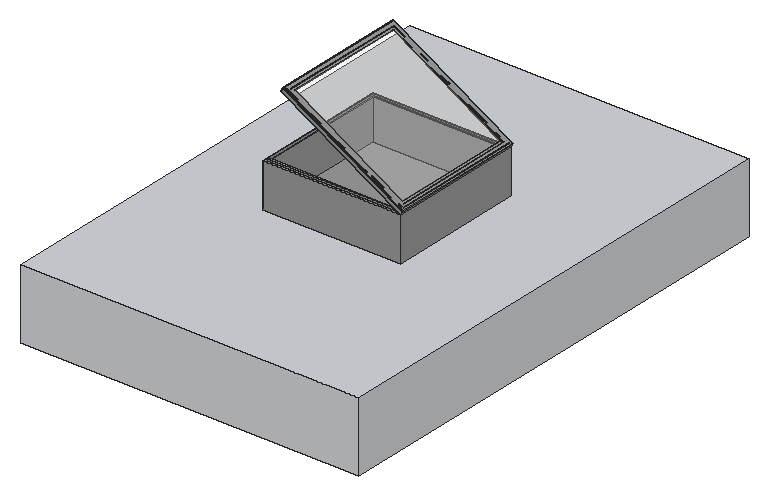
Revit family "Hager-Orion_Inox-IP66-D210-Cl.I-Inox_encl-630A-600mm-CH-fr", category Equipement électrique, Revit 2020
Family settings
  Hôte = Face
  Configuration du panneau = Deux colonnes, circuits au sein
  Cote de connecteur circulaire = Utiliser le diamètre
  Type d'élément = Tableau de raccordement
  Couper avec des vides une fois chargée = Non
  Partagée = Non
  Point de calcul de pièce = Non
Parameters (values of type "saillie IP66 L600 H600 P210  - FL028TWL")
  Width Control [instance] = if([EF000008 - largeur] > Min Width, [EF000008 - largeur], Min Width)  # 600 mm
  Commentaires du type = [HG000003 - Gamme]  # "Orion Inox"
  Thickness Door [instance] = if([EF009171 - épaisseur de matériau de la porte/du couvercle] > 3 mm, 3 mm, [EF009171 - épaisseur de matériau de la porte/du couvercle])  # 1.5 mm
  Seal Frame Offset [instance] = 17 mm  # constant formula
  Model = ""
  Min Width [instance] = 100 mm  # constant formula
  Min Height [instance] = 100 mm  # constant formula
  Min Depth [instance] = (2 * [EF009170 - épaisseur de matériau du boîtier]) + 1 mm  # 4 mm
  Internal Frame Depth [instance] = (Door System Depth * 0.5)  # 9 mm
  Height Control [instance] = if([EF000040 - hauteur] > Min Height, [EF000040 - hauteur], Min Height)  # 600 mm
  HG000027 - Hauteur du socle = 0 mm
  HG000026 - Installation au sol = no
  HG000024 - Hauteur de la section basse = 800 mm
  HG000023 - Armoire double section = no
  HG000016 - Visibilité de la porte 3D [instance] = yes
  HG000015 - Visibilité de l'emprise de la porte [instance] = no
  HG000014 - Porte à droite [instance] = yes
  HG000013 - Porte à gauche [instance] = not([HG000014 - Porte à droite])  # no
  HG000012 - Angle de pivotement de la porte [instance] = 30.00°
  HG000010 - Portes asymétriques = no
  HG000009 - Porte à double battant = no
  HG000006 - Encastré = no
  HG000004 - Référence fabricant = "FL028TWL"
  HG000003 - Gamme = "Orion Inox"
  HG000002 - avec porte = yes
  Frame Offset Bottom [instance] = 10 mm  # constant formula
  Frame Offset [instance] = 15 mm  # constant formula
  EF015940 - couvercle avec décharge de pression = no
  EF011959 - degré de protection (NEMA) = ""
  EF009554 - nombre d'ouvertures pour plaques à bride = 0
  Fabricant = "Hager"  # constant formula
  EF009212 - finition du couvercle = "EV000116 - fermé"
  EF009171 - épaisseur de matériau de la porte/du couvercle = 1.5 mm
  EF009170 - épaisseur de matériau du boîtier = 1.5 mm
  EF008873 - courant nominal (In) = 630 A
  EF007800 - adapté à un parafoudre = no
  EF006306 - avec serrure = yes
  EF006244 - couvercle/porte transparent(e) = yes
  EF005474 - indice de protection (IP) = "EV006422 - IP66"
  EF004464 - type de porte = "EV002646 - unique"
  EF004427 - nombre de modules = 0
  EF004293 - indice de protection contre les chocs (IK) = "EV006814 - IK08"
  EF003532 - convient pour utilisation à l’extérieur = yes
  EF002950 - largeur en nombre de modules = 0
  EF001613 - maintien de fonction = "EV000494 - sans"
  EF001596 - matériau du boîtier/corps = "EV000166 - acier inoxydable"
  EF001131 - profondeur intérieure = 176 mm
  EF001088 - possibilité de montage en saillie = yes
  EF000437 - nombre d'entrées de conduit = 0
  EF000339 - type de capot = "EV004216 - porte"
  EF000266 - nombre de rangées = 0
  EF000218 - profondeur d'encastrement = 0 mm
  EF000118 - avec cadre/support de montage = no
  EF000116 - numéro RAL = ""
  EF000049 - profondeur = 210 mm
  EF000040 - hauteur = 600 mm
  EF000008 - largeur = 600 mm
  EF000007 - couleur = "EV000154 - autre"
  EF000003 - mode de pose = "EV000384 - saillie"
  Door System Leaf Tolerance [instance] = 1.5 mm  # constant formula
  Door System Depth [instance] = 18 mm  # constant formula
  Depth Control [instance] = if([EF000049 - profondeur] > Min Depth, [EF000049 - profondeur], Min Depth)  # 210 mm
  Default Elevation = 0 mm
Types (12, lengths in mm): name | Width Control | HG000004 - Référence fabricant | EF009212 - finition du couvercle | EF006306 - avec serrure | EF006244 - couvercle/porte transparent(e) | EF004293 - indice de protection contre les chocs (IK) | EF001613 - maintien de fonction | EF000008 - largeur
  saillie IP66 L400 H600 P210  - FL025BWL | 400 | "FL025BWL" | "EV009916 - avec échancrure" | no | no | "EV008784 - IK10" | "" | 400
  saillie IP66 L400 H600 P210  - FL025TW | 400 | "FL025TW" | "EV000116 - fermé" | yes | yes | "EV006814 - IK08" | "EV000494 - sans" | 400
  saillie IP66 L400 H600 P210  - FL025TWL | 400 | "FL025TWL" | "EV000116 - fermé" | yes | yes | "EV006814 - IK08" | "EV000494 - sans" | 400
  saillie IP66 L500 H600 P210  - FL027BW | 500 | "FL027BW" | "EV000116 - fermé" | yes | no | "EV008784 - IK10" | "EV000494 - sans" | 500
  saillie IP66 L500 H600 P210  - FL027BWL | 500 | "FL027BWL" | "EV000116 - fermé" | yes | no | "EV008784 - IK10" | "EV000494 - sans" | 500
  saillie IP66 L500 H600 P210  - FL027TW | 500 | "FL027TW" | "EV000116 - fermé" | yes | yes | "EV006814 - IK08" | "EV000494 - sans" | 500
  saillie IP66 L500 H600 P210  - FL027TWL | 500 | "FL027TWL" | "EV000116 - fermé" | yes | yes | "EV006814 - IK08" | "EV000494 - sans" | 500
  saillie IP66 L600 H600 P210  - FL025BW | 600 | "FL025BW" | "EV009916 - avec échancrure" | no | no | "EV008784 - IK10" | "" | 600
  saillie IP66 L600 H600 P210  - FL028BW | 600 | "FL028BW" | "EV000116 - fermé" | yes | no | "EV008784 - IK10" | "EV000494 - sans" | 600
  saillie IP66 L600 H600 P210  - FL028BWL | 600 | "FL028BWL" | "EV000116 - fermé" | yes | no | "EV008784 - IK10" | "EV000494 - sans" | 600
  saillie IP66 L600 H600 P210  - FL028TW | 600 | "FL028TW" | "EV000116 - fermé" | yes | yes | "EV006814 - IK08" | "EV000494 - sans" | 600
  saillie IP66 L600 H600 P210  - FL028TWL | 600 | "FL028TWL" | "EV000116 - fermé" | yes | yes | "EV006814 - IK08" | "EV000494 - sans" | 600
Reference planes
  plane 1 "Center (Front/Back)": y = 0
  plane 2: z = 0
  plane 3 "Center (Left/Right)": x = 0
  plane 4: z = 210
  plane 5: y = 1.5
  plane 6: y = 300
  plane 7: y = 0
  plane 8: y = 600
  plane 9: z = 0
  plane 10: x = -285
  plane 11: x = 285
  plane 12: x = 283.5
  plane 13: x = -283.5
  plane 14: y = 598.5
  plane 15: x = -283
  plane 16: x = -300
  plane 17: x = 283
  plane 18: x = 300
  plane 19: x = 298.5
  plane 20: x = -298.5
  plane 21: y = 11.5
  plane 22: y = 600
  plane 23: y = 583.5
  plane 24: z = 192
  plane 25: z = 1.5
  plane 26: z = 190.5
  plane 27: z = 208.5
Forms (mm)
  Extrusion 1, solid
    sketch origin (0, 0, 0) x (1, 0, 0) y (0, 1, 0)
      loop
        line (-702.964, 1305) -> (-702.964, -811.445) -> (766.763, -811.445) -> (766.763, 1305) -> (-702.964, 1305)
    from 0 to -304.8
  Extrusion 2, solid, material "Hager_Stainless_Steel", detail levels medium+fine
    sketch origin (0, 0, 0) x (1, 0, 0) y (0, 1, 0)
      loop
        line (-300, 0) -> (300, 0) -> (300, 600) -> (-300, 600) -> (-300, 0)
    from 0 to 192
  Extrusion 3, solid, material "Hager_Steel_RAL 7035_Light_Grey", not visible, detail levels medium+fine
    sketch origin (0, 28.16, 50.802) x (0, 1, 0) y (0, 0, 1)
      loop
        line (323.34, -50.802) -> (323.34, 147.698)
        arc (323.34, 147.698) -> (320.411, 154.769) -> (313.34, 157.698) r 10
        line (313.34, 157.698) -> (283.34, 157.698) -> (283.34, -50.802) -> (323.34, -50.802)
    from -298.5 to 298.5
  Extrusion 4, void
    sketch origin (0, 0, 0) x (1, 0, 0) y (0, 1, 0)
      loop
        line (-298.5, 1.5) -> (298.5, 1.5) -> (298.5, 598.5) -> (-298.5, 598.5) -> (-298.5, 1.5)
    from 1.5 to 190.5
  Extrusion 5, void
    sketch origin (-381.607, -4572, 192) x (0, -1, 0) y (-1, 0, 0)
      loop
        line (-4583.5, -98.107) -> (-5155.5, -98.107) -> (-5155.5, -665.107) -> (-4583.5, -665.107) -> (-4583.5, -98.107)
    from 0 to 1.5 <- "EF009170 - épaisseur de matériau du boîtier"
  Extrusion 6, solid, material "Hager_Stainless_Steel", detail levels fine
    sketch origin (-381.607, -4572, 192) x (-1, 0, 0) y (0, -1, 0)
      loop
        line (-98.107, -4583.5) -> (-665.107, -4583.5) -> (-665.107, -5155.5) -> (-98.107, -5155.5) -> (-98.107, -4583.5)
      loop
        line (-97.107, -4582) -> (-666.107, -4582) -> (-666.107, -5157) -> (-97.107, -5157) -> (-97.107, -4582)
    from 0 to 9 <- "Internal Frame Depth"
  Extrusion 7, solid, material "Hager_Stainless_Steel", detail levels coarse
    sketch origin (0, 0, 0) x (1, 0, 0) y (0, 1, 0)
      loop
        line (-300, 0) -> (300, 0) -> (300, 600) -> (-300, 600) -> (-300, 0)
    from 0 to 210
Cuts and joins
  Extrusion 4, Extrusion 5 cuts Extrusion 2
Lines and regions (mm)
  Masking region 1
    outline origin (0, 0, 0) x (1, 0, 0) y (0, 0, 1)
      loop
        line (-300, 210) -> (-300, 0) -> (300, 0) -> (300, 210) -> (-300, 210)
  Masking region 2, detail levels medium+fine
    outline origin (0, 140, 0) x (0, 1, 0) y (0, 0, 1)
      loop
        line (-140, 0) -> (460, 0) -> (460, 192) -> (-140, 192) -> (-140, 0)
  Masking region 3, not visible, detail levels medium+fine
    outline origin (0, 297.922, 0) x (0, 1, 0) y (0, 0, 1)
      loop
        line (13.578, 0) -> (53.578, 0) -> (53.578, 198.5)
        arc (53.578, 198.5) -> (50.649, 205.571) -> (43.578, 208.5) r 10
        line (43.578, 208.5) -> (13.578, 208.5) -> (13.578, 0)
  Masking region 4, detail levels coarse
    outline origin (0, 0, 180) x (0, 1, 0) y (0, 0, 1)
      loop
        line (0, -180) -> (600, -180) -> (600, 30) -> (0, 30) -> (0, -180)
  Masking region 5
    outline origin (-381.607, -4572, 192) x (-1, 0, 0) y (0, -1, 0)
      loop
        line (-81.607, -5172) -> (-81.607, -4572) -> (-681.607, -4572) -> (-681.607, -5172) -> (-81.607, -5172)
Dimensions and locks
  "Depth Control": plane 4 to Extrusion 1
  "EF009170 - épaisseur de matériau du boîtier": plane 5 to plane 7
  locked: connector elem to plane 3 "Center (Left/Right)"
  equal spacing: plane 8, plane 6, plane 7
  locked: connector elem to plane 6
  "EF009170 - épaisseur de matériau du boîtier": plane 8 to plane 14
  "EF009170 - épaisseur de matériau du boîtier": plane 10 to plane 13
  "EF009170 - épaisseur de matériau du boîtier": plane 12 to plane 11
  "Frame Offset": plane 20 to plane 13
  "Frame Offset": plane 12 to plane 19
  "EF009170 - épaisseur de matériau du boîtier": plane 16 to plane 20
  "EF009170 - épaisseur de matériau du boîtier": plane 19 to plane 18
  "Seal Frame Offset": plane 16 to plane 15
  "Seal Frame Offset": plane 17 to plane 18
  "Frame Offset Bottom": plane 21 to plane 5
  "Frame Offset": plane 14 to plane 23
  equal spacing: plane 16, plane 3 "Center (Left/Right)", plane 18
  "Width Control": plane 16 to plane 18
  "EF009170 - épaisseur de matériau du boîtier": plane 4 to plane 27
  "EF009170 - épaisseur de matériau du boîtier": plane 24 to plane 26
  "EF009170 - épaisseur de matériau du boîtier": plane 25 to level
  "Door System Depth": plane 4 to plane 24
  "Height Control": plane 1 "Center (Front/Back)" to Extrusion 7 sketch curve
  "Height Control": Masking region 4 sketch curve to plane 1 "Center (Front/Back)"
  "Thickness Door": Extrusion 6 sketch curve to plane 15
  "Thickness Door": plane 21 to Extrusion 6 sketch curve
  "Thickness Door": plane 17 to Extrusion 6 sketch curve
  "Thickness Door": Extrusion 6 sketch curve to plane 23
  "Height Control": plane 1 "Center (Front/Back)" to plane 22
  radius of Masking region 3 sketch curve = 10 mm
  radius of Extrusion 3 sketch curve = 10 mm
  aligned and locked: plane 2 to Extrusion 1
  aligned and locked: level to Extrusion 1
  aligned and locked: level to Masking region 1 sketch curve
  aligned and locked: Masking region 1 sketch curve to plane 18
  aligned and locked: Masking region 1 sketch curve to plane 16
  aligned and locked: plane 7 to Masking region 2 sketch curve
  aligned and locked: level to Masking region 3 sketch curve
  aligned and locked: Masking region 3 sketch curve to plane 27
  aligned and locked: level to Masking region 2 sketch curve
  aligned and locked: Extrusion 2 sketch curve to plane 7
  aligned and locked: plane 16 to Extrusion 2 sketch curve
  aligned and locked: plane 18 to Extrusion 2 sketch curve
  aligned and locked: Extrusion 3 sketch curve to level
  aligned and locked: plane 27 to Extrusion 3 sketch curve
  aligned and locked: plane 20 to Extrusion 3
  aligned and locked: plane 19 to Extrusion 3
  aligned and locked: plane 20 to Extrusion 4 sketch curve
  aligned and locked: plane 19 to Extrusion 4 sketch curve
  aligned and locked: Extrusion 4 sketch curve to plane 5
  aligned and locked: Extrusion 4 to plane 25
  aligned and locked: plane 26 to Extrusion 4
  aligned and locked: plane 24 to Extrusion 2
  aligned and locked: Extrusion 5 sketch curve to plane 21
  aligned and locked: Extrusion 5 sketch curve to plane 13
  aligned and locked: Extrusion 5 sketch curve to plane 12
  aligned and locked: plane 18 to Extrusion 7 sketch curve
  aligned and locked: plane 1 "Center (Front/Back)" to Extrusion 7 sketch curve
  aligned and locked: plane 16 to Extrusion 7 sketch curve
  aligned and locked: plane 4 to Extrusion 7
  aligned and locked: Extrusion 7 to level
  aligned and locked: level to Masking region 4 sketch curve
  aligned and locked: Masking region 4 sketch curve to plane 1 "Center (Front/Back)"
  aligned and locked: Masking region 4 sketch curve to plane 4
  aligned and locked: nested 1 to level
  aligned and locked: nested 1 to plane 16
  aligned and locked: plane 8 to Extrusion 2 sketch curve
  aligned and locked: plane 23 to Extrusion 5 sketch curve
  aligned and locked: plane 14 to Extrusion 4 sketch curve
  aligned and locked: Extrusion 6 sketch curve to plane 21
  aligned and locked: plane 13 to Extrusion 6 sketch curve
  aligned and locked: plane 23 to Extrusion 6 sketch curve
  aligned and locked: plane 12 to Extrusion 6 sketch curve
  aligned and locked: Masking region 2 sketch curve to plane 8
  aligned and locked: Masking region 2 sketch curve to plane 24
  aligned and locked: nested 2 to plane 3 "Center (Left/Right)"
  aligned and locked: nested 2 to plane 24
  aligned and locked: Masking region 5 sketch curve to plane 1 "Center (Front/Back)"
  aligned and locked: Masking region 5 sketch curve to plane 18
  aligned and locked: Masking region 5 sketch curve to plane 22
  aligned and locked: Masking region 5 sketch curve to plane 16
  aligned and locked: plane 8 to plane 22
  aligned and locked: plane 7 to plane 1 "Center (Front/Back)"
  aligned and locked: nested 2 to plane 1 "Center (Front/Back)"
Automatic sketch dimensions
  Extrusion 1 sketch curve to Extrusion 1 sketch curve = 1469.727 mm
  Extrusion 1 sketch curve to Extrusion 1 sketch curve = 2116.445 mm
  plane 6 to Masking region 3 sketch curve = 11.5 mm
  Masking region 3 sketch curve to Masking region 3 sketch curve = 30 mm
  plane 6 to Extrusion 3 sketch curve = 11.5 mm
  Extrusion 3 sketch curve to Extrusion 3 sketch curve = 30 mm
  Masking region 1 sketch curve to plane 4 = 0 mm
Nested families
  nested 1: "Hager_Enclosure_Symbol" at (-300, 0, 0) x (1, 0, 0) z (0, -1, 0), Height <- "Depth Control", Width <- "Width Control", type "Hager_Enclosure_Symbol"
    with Width_Ctrl 600 mm, Width 600 mm, Height_Ctrl 210 mm, Height 210 mm, A_Width_Int 13.781 mm, A_Width 165.375 mm, A_Height_Ctrl 183.75 mm, A_Height 183.75 mm
  nested 2: "EC000058_OrionInox_Door" at (0, 600, 192) x (1, 0, 0) z (0, -1, 0), Leaf_Tolerance <- "Door System Leaf Tolerance", Angle <- "HG000012 - Angle de pivotement de la porte", Door_Depth <- "Door System Depth", Door_Left <- "HG000013 - Porte à gauche", Transparent <- "EF006244 - couvercle/porte transparent(e)", Assymetrical <- "HG000010 - Portes asymétriques", Width <- "Width Control", Clearance <- "HG000015 - Visibilité de l'emprise de la porte", Double <- "HG000009 - Porte à double battant", 3d_Door <- "HG000016 - Visibilité de la porte 3D", Width_Ctrl <- "Width Control", Door_Right <- "HG000014 - Porte à droite", Door <- "HG000002 - avec porte", Height <- "Height Control", Thickness <- "Thickness Door", type "EC000058_OrionInox_Door", detail levels medium+fine
    with min_wh 4 mm, Width_Ctrl 600 mm, Width 600 mm, Transparent yes, Thickness 1.5 mm, Seal_Material Hager_Rubber, Leaf_Width 600 mm, Leaf_Tolerance_External_Sides 0 mm, Leaf_Tolerance 1.5 mm, Leaf_Offset 0 mm, Leaf_Height 597 mm, Leaf_2_Width 600 mm, Leaf_2_Offset 300 mm, Leaf_1_Width 600 mm, Leaf_1_Offset 300 mm, Height_Ctrl 600 mm, Height 600 mm, Glass_Material Hager_Glass, Double_Clearance_Ctrl no, Double no, Door_Right_Ctrl yes, Door_Right yes, Door_Material Hager_Stainless_Steel, Door_Left_Ctrl no, Door_Left no, Door_Depth 18 mm, Door yes, Clearance_Material Hager_Clearance, Clearance_Depth 600 mm, Clearance_Ctrl no, Clearance no, Assymetrical no, Angle 30.00°, 3d_Door yes
Connectors
  electrical at (0, 300, 0)
    settings: on plane 9, index 1, voltage 0 V, apparent load 0 VA, apparent load phase1 0 VA, apparent load phase2 0 VA, apparent load phase3 0 VA, power factor 1, load classification "Other", number of poles 1, system type 30, power factor state 1, is connector primary yes, connector utility no, sub classification motor no, connector description ""
Definition of nested family "EC000058_OrionInox_Door"
  Parameters (values of type "EC000058_OrionInox_Door")
    min_wh [instance] = (2 * Thickness) + 1 mm  # 11 mm
    Width_Ctrl [instance] = 400 mm
    Width [instance] = 500 mm
    Transparent [instance] = yes
    Thickness [instance] = 5 mm
    Seal_Material [instance] = none
    Leaf_Width [instance] = if((Width_Ctrl - 2 * Leaf_Tolerance_External_Sides) > 0 mm, (Width_Ctrl - 2 * Leaf_Tolerance_External_Sides), min_wh)  # 400 mm
    Leaf_Tolerance_External_Sides [instance] = 0 mm  # constant formula
    Leaf_Tolerance [instance] = 1.5 mm
    Leaf_Offset [instance] = 0 mm  # constant formula
    Leaf_Height [instance] = if((Height_Ctrl - 2 * Leaf_Tolerance) > 0 mm, (Height_Ctrl - 2 * Leaf_Tolerance), min_wh)  # 497 mm
    Leaf_2_Width [instance] = if(and(and(Double, Assymetrical), Door_Left), (Leaf_Width / 3) - (Leaf_Tolerance / 2), if(and(and(Double, Assymetrical), Door_Right), (Leaf_Width / 3) * 2 - (Leaf_Tolerance / 2), if(and(Double, not(Assymetrical)), (Leaf_Width / 2) - Leaf_Tolerance, Leaf_Width)))  # 400 mm
    Leaf_2_Offset [instance] = if(and(Double, Assymetrical), Leaf_2_Width / 2, if(and(Double, not(Assymetrical)), Leaf_Width / 4, Leaf_Width / 2))  # 200 mm
    Leaf_1_Width [instance] = if(and(and(Double, Assymetrical), Door_Right), (Leaf_Width / 3) - (Leaf_Tolerance / 2), if(and(and(Double, Assymetrical), Door_Left), (Width / 3) * 2 - (Leaf_Tolerance / 2), if(and(Double, not(Assymetrical)), (Leaf_Width / 2) - Leaf_Tolerance, Leaf_Width)))  # 400 mm
    Leaf_1_Offset [instance] = if(and(Double, Assymetrical), Leaf_1_Width / 2, if(and(Double, not(Assymetrical)), Leaf_Width / 4, Leaf_Width / 2))  # 200 mm
    Height_Ctrl [instance] = if(Height > min_wh, Height, min_wh)  # 500 mm
    Height [instance] = 500 mm
    Glass_Material [instance] = none
    Double_Clearance_Ctrl [instance] = and(Double, Clearance)  # no
    Double [instance] = no
    Door_Right_Ctrl [instance] = and(or(Door_Right, Double), Door)  # yes
    Door_Right [instance] = yes
    Door_Material [instance] = none
    Door_Left_Ctrl [instance] = and(or(Door_Left, Double), Door)  # no
    Door_Left [instance] = no
    Door_Depth [instance] = 30 mm
    Door [instance] = yes
    Default Elevation = 1219.2 mm
    Clearance_Material [instance] = none
    Clearance_Depth [instance] = if(Leaf_1_Width > Leaf_2_Width, Leaf_1_Width, Leaf_2_Width)  # 400 mm
    Clearance_Ctrl [instance] = and(not(Double), Clearance)  # yes
    Clearance [instance] = yes
    Assymetrical [instance] = yes
    Angle [instance] = 30.00°
    3d_Door [instance] = yes
  Reference planes
    plane 1 "Center (Front/Back)": y = 0
    plane 2 "Bottom": z = 0
    plane 3 "Center (Left/Right)": x = 0
    plane 4: z = 500
    plane 5: x = -200
    plane 6: x = 200
    plane 7: z = 500
    plane 8: x = -200
    plane 9: z = 0
    plane 10: x = 200
    plane 11: y = 0
    plane 12: z = 1.5
    plane 13: x = -600
    plane 14: y = -400
    plane 15: x = 600
    plane 16: x = 0
    plane 17: x = 0
    plane 18: x = -200
    plane 19: x = 200
    plane 20: z = 498.5
  Forms (mm)
    Extrusion 1, solid, material <- "Clearance_Material", visible <- "Double_Clearance_Ctrl"
      sketch origin (1200, 0, 0) x (1, 0, 0) y (0, 0, -1)
        loop
          line (-1800, -498.5) -> (-600, -498.5) -> (-600, 0) -> (-1800, 0) -> (-1800, -498.5)
      from 0 to -400
  Dimensions and locks
    equal spacing: plane 5, plane 3 "Center (Left/Right)", plane 6
    "Width_Ctrl": plane 5 to plane 6
    "Leaf_Offset": plane 5 to plane 8
    "Leaf_Offset": plane 6 to plane 10
    "Leaf_Offset": plane 9 to level
    "Leaf_Offset": plane 4 to plane 7
    "Height_Ctrl": plane 4 to level
    "Leaf_Tolerance": plane 12 to plane 9
    locked: plane 11 to plane 1 "Center (Front/Back)"
    "Leaf_1_Offset": plane 18 to plane 16
    "Leaf_2_Offset": plane 17 to plane 19
    "Leaf_1_Width": plane 13 to plane 8
    "Leaf_2_Width": plane 10 to plane 15
    "Clearance_Depth": plane 14 to plane 1 "Center (Front/Back)"
    "Leaf_Tolerance_External_Sides": plane 8 to plane 18
    "Leaf_Tolerance_External_Sides": plane 19 to plane 10
    "Leaf_Tolerance": plane 7 to plane 20
    aligned and locked: level to plane 2 "Bottom"
    aligned and locked: nested 1 to plane 16
    aligned and locked: nested 2 to plane 17
    aligned and locked: Extrusion 1 to plane 13
    aligned and locked: plane 15 to Extrusion 1
    aligned and locked: Extrusion 1 to plane 14
    aligned and locked: plane 12 to nested 1
    aligned and locked: nested 2 to plane 12
    aligned and locked: Extrusion 1 to plane 11
    aligned and locked: plane 20 to Extrusion 1
    aligned and locked: nested 2 to plane 11
    aligned and locked: nested 1 to plane 11
  Automatic sketch dimensions
    Extrusion 1 sketch curve to level = 0 mm
    plane 5 to Extrusion 1 sketch curve = 400 mm
    plane 6 to Extrusion 1 sketch curve = 400 mm
    Extrusion 1 sketch curve to plane 4 = 1.5 mm
  Nested families
    nested 1: "EC000058_OrionInox_Door_Leaf" at (0, 0, 1.5), Width <- "Leaf_1_Width", visible <- "Door_Left_Ctrl", Leaf_Height <- "Leaf_Height", Angle <- "Angle", 3d_Door <- "3d_Door", Transparent <- "Transparent", Clearance Material <- "Clearance_Material", Clearance <- "Clearance_Ctrl", Door_Material <- "Door_Material", Glass_Material <- "Glass_Material", Door_Depth <- "Door_Depth", Seal_Material <- "Seal_Material", Thickness <- "Thickness", type "EC000058_OrionInox_Door_Leaf"
      with Width 400 mm, Transparent_Ctrl yes, Transparent yes, Thickness 5 mm, Standard no, Seal_Material none, Seal_D2 8 mm, Seal_D1 1 mm, Offset_Internal_Frame 10 mm, Lock_Width 28 mm, Lock_Thickness 2 mm, Lock_Radius 6 mm, Leaf_Height 497 mm, Internal_Seal_Thickness 8 mm, Internal_Seal_Depth_2 4.5 mm, Internal_Frame_Depth 25 mm, Glass_Thickness -1 mm, Glass_Offset -2 mm, Glass_Material none, Door_Material none, Door_Depth 30 mm, Clearance Material none, Clearance yes, Angle_Ctrl 30.00°, Angle 30.00°, 3d_Door yes
    nested 2: "EC000058_OrionInox_Door_Leaf" at (0, 0, 1.5) x (-1, 0, 0) z (0, 0, 1), Width <- "Leaf_2_Width", visible <- "Door_Right_Ctrl", Leaf_Height <- "Leaf_Height", Angle <- "Angle", 3d_Door <- "3d_Door", Transparent <- "Transparent", Clearance Material <- "Clearance_Material", Clearance <- "Clearance_Ctrl", Door_Material <- "Door_Material", Glass_Material <- "Glass_Material", Door_Depth <- "Door_Depth", Seal_Material <- "Seal_Material", Thickness <- "Thickness", type "EC000058_OrionInox_Door_Leaf"
      with Width 400 mm, Transparent_Ctrl yes, Transparent yes, Thickness 5 mm, Standard no, Seal_Material none, Seal_D2 8 mm, Seal_D1 1 mm, Offset_Internal_Frame 10 mm, Lock_Width 28 mm, Lock_Thickness 2 mm, Lock_Radius 6 mm, Leaf_Height 497 mm, Internal_Seal_Thickness 8 mm, Internal_Seal_Depth_2 4.5 mm, Internal_Frame_Depth 25 mm, Glass_Thickness -1 mm, Glass_Offset -2 mm, Glass_Material none, Door_Material none, Door_Depth 30 mm, Clearance Material none, Clearance yes, Angle_Ctrl 30.00°, Angle 30.00°, 3d_Door yes
  Definition of nested family "EC000058_OrionInox_Door_Leaf"
    Parameters (values of type "EC000058_OrionInox_Door_Leaf")
      Width [instance] = 450 mm
      Transparent_Ctrl [instance] = and(Transparent, [3d_Door])  # yes
      Transparent [instance] = yes
      Thickness [instance] = 5 mm
      Standard [instance] = and(not(Transparent), [3d_Door])  # no
      Seal_Material [instance] = none
      Seal_D2 [instance] = 8 mm  # constant formula
      Seal_D1 [instance] = 1 mm  # constant formula
      Offset_Internal_Frame [instance] = 10 mm  # constant formula
      Lock_Width [instance] = Door_Depth - Lock_Thickness  # 28 mm
      Lock_Thickness [instance] = 2 mm  # constant formula
      Lock_Radius [instance] = 6 mm  # constant formula
      Leaf_Height [instance] = 450 mm
      Internal_Seal_Thickness [instance] = 8 mm  # constant formula
      Internal_Seal_Depth_2 [instance] = 4.5 mm  # constant formula
      Internal_Frame_Depth [instance] = if(Door_Depth - Thickness > 5 mm, Door_Depth - Thickness, 5 mm)  # 25 mm
      Glass_Thickness [instance] = if(Thickness > 15 mm, Glass_Offset + 10 mm, -1 mm)  # -1 mm
      Glass_Offset [instance] = if(Thickness > 15 mm, -(Thickness + 10 mm) / 2, -2 mm)  # -2 mm
      Glass_Material [instance] = none
      Door_Material [instance] = none
      Door_Depth [instance] = 30 mm
      Default Elevation = 0 mm
      Clearance Material [instance] = none
      Clearance [instance] = yes
      Angle_Ctrl [instance] = if(Angle > 180.00°, 180.00°, Angle)  # 90.00°
      Angle [instance] = 90.00°
      3d_Door [instance] = yes
    Reference planes
      plane 1 "Center (Front/Back)": y = 0
      plane 2: z = 0
      plane 3 "Center (Left/Right)": x = 0
      plane 4: y = 450
      plane 5: x = -225
      plane 6: x = 225
      plane 7: x = -675
      plane 8: z = 450
      plane 9: z = 30
      plane 10: z = 420
      plane 11: x = 195
      plane 12: x = -195
      plane 13: y = -3
      plane 14: z = 107.833
      plane 15: y = -5
      plane 16: y = -223.314
      plane 17: x = -225
      plane 18: y = 30
    Forms (mm)
      Extrusion 1, solid, material <- "Clearance Material", visible <- "Clearance"
        sketch origin (0, 0, 0) x (1, 0, 0) y (0, 0, 1)
          loop
            line (-675, 450) -> (-675, 0) -> (225, 0) -> (225, 450) -> (-675, 450)
        from 0 to -450
      Extrusion 2, solid, material <- "Door_Material", visible <- "Standard", detail levels medium+fine
        sketch origin (-225, 0, 0) x (0, 1, 0) y (-1, 0, 0)
          loop
            line (0, 30) -> (0, 25) -> (450, 25) -> (450, 30) -> (0, 30)
        from 0 to 450 <- "Leaf_Height"
      Extrusion 3, solid, material <- "Door_Material", visible <- "Transparent_Ctrl", detail levels medium+fine
        sketch origin (-225, 0, 0) x (0, 1, 0) y (-1, 0, 0)
          loop
            line (0, 25) -> (450, 25) -> (450, 30) -> (0, 30) -> (0, 25)
        from 0 to 450 <- "Leaf_Height"
      Extrusion 4, void
        sketch origin (-250, 450, 0) x (0, 1, 0) y (0, 0, -1)
          loop
            line (-30, -420) -> (-30, -30) -> (-420, -30) -> (-420, -420) -> (-30, -420)
        from 0 to 5 <- "Thickness"
      Sweep 5, solid, material <- "Seal_Material", visible <- "Transparent_Ctrl", detail levels fine
        path in 3D
          loop
            line (-250, 30, 30) -> (-250, 30, 420) -> (-250, 420, 420) -> (-250, 420, 30) -> (-250, 30, 30)
        profile origin (-250, 225, 30) x (1, 0, 0) y (0, 0, 1)
          loop
            line (0, 0) -> (0, -8) -> (1, -8) -> (1, 0) -> (0, 0)
      Extrusion 6, solid, material <- "Glass_Material", visible <- "Transparent_Ctrl", detail levels medium+fine
        sketch origin (-255, 0, 0) x (0, 1, 0) y (0, 0, -1)
          loop
            line (420, -420) -> (420, -30) -> (30, -30) -> (30, -420) -> (420, -420)
        from -2 <- "Glass_Offset" to -1 <- "Glass_Thickness"
      Extrusion 7, solid, material <- "Door_Material", visible <- "3d_Door", detail levels medium+fine
        sketch origin (-250, 450, 0) x (0, -1, 0) y (0, 0, -1)
          loop
            line (0, -450) -> (450, -450) -> (450, 0) -> (0, 0) -> (0, -450)
          loop
            line (445, -5) -> (5, -5) -> (5, -445) -> (445, -445) -> (445, -5)
        from 0 to 25 <- "Internal_Frame_Depth"
      Sweep 8, solid, material <- "Seal_Material", visible <- "Transparent_Ctrl", detail levels fine
        path in 3D
          loop
            line (-250, 0, 0) -> (-250, 450, 0) -> (-250, 450, 450) -> (-250, 0, 450) -> (-250, 0, 0)
        profile origin (-250, 0, 225) x (1, 0, 0) y (0, 1, 0)
          loop
            line (0, 10) -> (2.975, 10)
            arc (2.975, 10) -> (4.053, 10.447) -> (4.5, 11.525) r 1.525
            line (4.5, 11.525) -> (4.5, 16.527)
            arc (4.5, 16.527) -> (4.069, 17.569) -> (3.027, 18) r 1.473
            line (3.027, 18) -> (0, 18) -> (0, 10)
    Cuts and joins
      Extrusion 4 cuts Extrusion 3
    Lines and regions (mm)
      Masking region 1, detail levels medium+fine
        outline origin (0, 0, 0) x (0, 1, 0) y (0, 0, 1)
          loop
            line (0, 0) -> (30, 0) -> (30, 450) -> (0, 450) -> (0, 0)
      Masking region 2, detail levels medium+fine
        outline origin (0, 0, 0) x (1, 0, 0) y (0, 0, 1)
          loop
            line (-225, 450) -> (-225, 0) -> (225, 0) -> (225, 450) -> (-225, 450)
      symbolic lines
        curve 1: line (225, 0, 0) -> (-675, 0, 0)
        curve 2: arc (225, 0, 0) -> (-225, 450, 0) -> (-675, 0, 0) r 450
        curve 4: line (-255, 0, 0) -> (-255, 450, 0)
      reference lines
        curve 3: line (-225, 0, 0) -> (-225, 450, 0)
      symbolic lines, detail levels medium+fine
        curve 5: line (-255, 450, 0) -> (-250, 450, 0)
        curve 7: line (-250, 0, 0) -> (-255, 0, 0)
        curve 8: line (-250, 0, 0) -> (-225, 0, 0)
        curve 9: line (-225, 0, 0) -> (-225, 450, 0)
        curve 10: line (-225, 450, 0) -> (-250, 450, 0)
      symbolic lines, detail levels fine
        curve 6: line (-250, 450, 0) -> (-250, 0, 0)
      sketch lines
        curve 11: line (-250, 0, 450) -> (-250, 0, 0)
        curve 12: line (-250, 450, 0) -> (-250, 0, 0)
        curve 13: line (-250, 450, 450) -> (-250, 450, 0)
        curve 14: line (-250, 0, 450) -> (-250, 450, 450)
        curve 15: line (-250, 420, 30) -> (-250, 30, 30)
        curve 16: line (-250, 30, 30) -> (-250, 30, 420)
        curve 17: line (-250, 420, 420) -> (-250, 420, 30)
        curve 18: line (-250, 30, 420) -> (-250, 420, 420)
      symbolic lines, visible <- "Transparent", detail levels medium+fine
        curve 19: line (-195, 0, 420) -> (195, 0, 420)
        curve 20: line (-195, 0, 30) -> (-195, 0, 420)
        curve 21: line (195, 0, 30) -> (-195, 0, 30)
        curve 22: line (195, 0, 420) -> (195, 0, 30)
    Dimensions and locks
      "Width": plane 1 "Center (Front/Back)" to plane 4
      equal spacing: plane 5, plane 3 "Center (Left/Right)", plane 6
      "Width": plane 5 to plane 6
      "Width": plane 7 to plane 5
      "Leaf_Height": plane 8 to level
      "Width": curve 5 to curve 3
      "Width": curve 3 to curve 3
      plane 8 to plane 10 = 30 mm
      plane 9 to level = 30 mm
      plane 12 to plane 5 = 30 mm
      plane 6 to plane 11 = 30 mm
      Extrusion 4 sketch curve to Extrusion 3 = 30 mm
      Extrusion 3 to Extrusion 4 sketch curve = 30 mm
      Extrusion 1 to Extrusion 4 sketch curve = 30 mm
      curve 3 to Extrusion 4 sketch curve = 30 mm
      Extrusion 4 sketch curve to cut or joined group of Extrusion 3, Extrusion 4 = 30 mm
      cut or joined group of Extrusion 3, Extrusion 4 to Extrusion 6 sketch curve = 30 mm
      cut or joined group of Extrusion 3, Extrusion 4 to Extrusion 4 sketch curve = 30 mm
      "Thickness": curve 6 to curve 4
      "Thickness": Extrusion 7 sketch curve to Extrusion 7 sketch curve  (x4)
      "Door_Depth": curve 4 to curve 3
      "Offset_Internal_Frame": profile plane to Sweep 8 sketch curve
      "Internal_Seal_Thickness": Sweep 8 sketch curve to Sweep 8 sketch curve
      "Internal_Seal_Depth_2": profile plane to Sweep 8 sketch curve
      "Seal_D1": profile plane to Sweep 5 sketch curve
      "Seal_D2": profile plane to Sweep 5 sketch curve
      "Thickness": Extrusion 2 sketch curve to Extrusion 2 sketch curve
      "Door_Depth": plane 18 to plane 1 "Center (Front/Back)"
      radius of Sweep 8 sketch curve = 1.525 mm
      radius of Sweep 8 sketch curve = 1.473 mm
      "Angle_Ctrl": angle plane 1 "Center (Front/Back)" to curve 3
      aligned and locked: level to plane 2
      aligned and locked: Extrusion 1 to curve 1
      aligned and locked: plane 6 to Extrusion 1
      aligned and locked: plane 1 "Center (Front/Back)" to Extrusion 1
      aligned and locked: plane 4 to Extrusion 1
      aligned and locked: plane 8 to Extrusion 1
      aligned and locked: curve 7 to Extrusion 2 sketch curve
      aligned and locked: curve 5 to Extrusion 2 sketch curve
      aligned and locked: curve 7 to Extrusion 3 sketch curve
      aligned and locked: Extrusion 3 sketch curve to curve 4
      aligned and locked: Extrusion 3 sketch curve to curve 6
      aligned and locked: Extrusion 3 sketch curve to curve 5
      aligned and locked: curve 9 to curve 3
      aligned and locked: Extrusion 7 sketch curve to cut or joined group of Extrusion 3, Extrusion 4  (x4)
      aligned and locked: plane 17 to curve 3
      aligned and locked: plane 1 "Center (Front/Back)" to curve 3
      aligned and locked: plane 17 to plane 5
      aligned and locked: Sweep 8 sketch curve to profile plane
      aligned and locked: Sweep 5 sketch curve to profile plane  (x2)
      aligned and locked: plane 1 "Center (Front/Back)" to Masking region 1 sketch curve
      aligned and locked: plane 18 to Masking region 1 sketch curve
      aligned and locked: level to Masking region 1 sketch curve
      aligned and locked: Masking region 1 sketch curve to plane 8
      aligned and locked: plane 17 to Masking region 2 sketch curve
      aligned and locked: level to Masking region 2 sketch curve
      aligned and locked: Masking region 2 sketch curve to plane 8
      aligned and locked: plane 12 to curve 20
      aligned and locked: plane 10 to curve 19
      aligned and locked: plane 11 to curve 22
      aligned and locked: plane 9 to curve 21
      aligned and locked: Extrusion 2 sketch curve to cut or joined group of Extrusion 3, Extrusion 4
    Automatic sketch dimensions
      plane 1 "Center (Front/Back)" to curve 2 = 0 mm
      curve 2 to plane 5 = 0 mm
      Extrusion 1 sketch curve to level = 0 mm
      Extrusion 1 sketch curve to plane 7 = 0 mm
      Extrusion 1 sketch curve to plane 6 = 0 mm
      Extrusion 1 sketch curve to plane 8 = 0 mm
      Extrusion 3 to Extrusion 6 sketch curve = 30 mm  (x4)
      Masking region 2 sketch curve to plane 6 = 0 mm
      curve 4 to curve 3 = 0 mm
Definition of nested family "Hager_Enclosure_Symbol"
  Parameters (values of type "Hager_Enclosure_Symbol")
    Width_Ctrl [instance] = if(Width > 1 mm, Width, 1 mm)  # 102.27 mm
    Width [instance] = 102.27 mm
    Height_Ctrl [instance] = if(Height > 1 mm, Height, 1 mm)  # 66.5 mm
    A_Width_Int [instance] = if(A_Width / 12 > 2 mm, A_Width / 12, 2 mm)  # 4.364 mm
    A_Width [instance] = if(A_Height_Ctrl * 0.9 > 2 mm, A_Height_Ctrl * 0.9, 2 mm)  # 52.369 mm
    A_Height_Ctrl [instance] = if(A_Height > 2 mm, A_Height, 2 mm)  # 58.188 mm
    Height [instance] = 66.5 mm
    A_Height [instance] = Height - (Height / 8)  # 58.188 mm
  Reference planes
    plane 1 "Centre (avant/arrière)": y = 0
    plane 2: z = 0
    plane 3 "Centre (gauche/droite)": x = 0
    plane 4: x = 52.369
    plane 5: y = 33.042
    plane 6: y = 41.77
    plane 7: y = 66.5
    plane 8: x = 26.184
    plane 9: y = 37.406
    plane 10: x = 102.27
    plane 11: y = 66.5
    plane 12: y = 8.313
  Lines and regions (mm)
    Filled region 1, type "Solid_Black", in view "Niveau de réf."
      outline origin (0, 0, 0) x (1, 0, 0) y (0, 1, 0)
        loop
          line (52.369, 66.5) -> (33.188, 54.536) -> (45.365, 45.006) -> (52.369, 66.5)
    Filled region 2, type "Solid_Black", in view "Niveau de réf."
      outline origin (0, 0, 0) x (1, 0, 0) y (0, 1, 0)
        loop
          line (0, 0) -> (102.27, 0) -> (102.27, 66.5) -> (0, 0)
    detail lines, in view "Niveau de réf."
      curve 1: line (0, 8.313, 0) -> (26.184, 41.77, 0)
      curve 2: line (26.184, 41.77, 0) -> (26.184, 33.042, 0)
      curve 3: line (26.184, 33.042, 0) -> (52.369, 66.5, 0)
  Dimensions and locks
    "A_Width": plane 3 "Centre (gauche/droite)" to plane 4
    equal spacing: plane 3 "Centre (gauche/droite)", plane 8, plane 4
    equal spacing: plane 6, plane 9, plane 5
    equal spacing: curve 3, Filled region 1 sketch curve, Filled region 1 sketch curve
    "Height_Ctrl": plane 1 "Centre (avant/arrière)" to plane 11
    "A_Height_Ctrl": plane 11 to plane 12
    equal spacing: plane 11, plane 9, plane 12
    "A_Width_Int": plane 6 to plane 9
    "Width_Ctrl": plane 3 "Centre (gauche/droite)" to plane 10
    angle Filled region 1 sketch curve to curve 3 = 20.00°
    angle curve 3 to Filled region 1 sketch curve = 20.00°
    locked: curve 3 to Filled region 1 sketch curve (angle 90.00°)
    aligned and locked: plane 10 to Filled region 2
    aligned and locked: plane 11 to Filled region 2 sketch curve
    aligned and locked: plane 10 to Filled region 2 sketch curve
    aligned and locked: plane 3 "Centre (gauche/droite)" to curve 1
    aligned and locked: plane 12 to curve 1
    aligned and locked: plane 7 to plane 11
  Automatic sketch dimensions
    Filled region 1 sketch curve to plane 4 = 0 mm
    Filled region 1 sketch curve to plane 7 = 0 mm
    plane 1 "Centre (avant/arrière)" to Filled region 2 sketch curve = 0 mm
    Filled region 2 sketch curve to plane 3 "Centre (gauche/droite)" = 0 mm
    curve 2 to plane 6 = 0 mm
    curve 2 to plane 8 = 0 mm
    curve 3 to plane 4 = 0 mm
    curve 2 to plane 5 = 0 mm
    curve 3 to plane 7 = 0 mm
